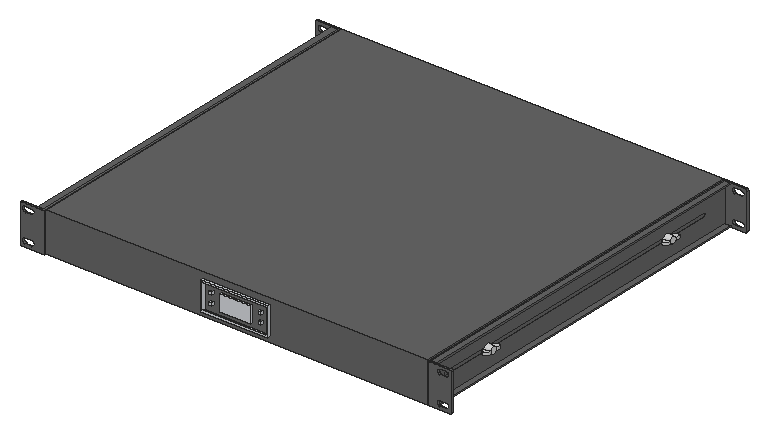
Revit family "Eurolan_Вентиляторная панель 19 1U с контроллером", category Устройства связи, Revit 2019
Family settings
  Сохранять ориентацию аннотаций = Нет
  Размер круглого соединителя = Использовать диаметр
  Тип детали = Нормальный
  На основе рабочей плоскости = Нет
  Всегда вертикально = Да
  При загрузке вырезать с полостями = Нет
  Общий = Нет
  Точка расчета площади = Нет
Parameters (values of type "Вентиляторная панель 19" 1U_6 вентиляторов")
  Выбор_геометрии = Вентиляторная панель 19 1U 6 вентиляторов : Вентиляторная панель 19 1U 6 вентиляторов
  ADSK_Примечание = ""
  ADSK_Позиция = ""
  ADSK_Наименование краткое = "Вентиляторная панель 19\" 1U"
  ADSK_Наименование = "Вентиляторная панель 19\" 1U, 6 вентиляторов, с контроллером"
  ADSK_Материал = RAL 9005
  ADSK_Масса = 8.5
  ADSK_Марка = "1U"
  ADSK_Количество = 1  # constant formula
  ADSK_Код изделия = "60A-91-11-30BL"
  ADSK_Завод-изготовитель = "Eurolan"  # constant formula
  ADSK_Единица измерения = "шт"  # constant formula
Reference planes
  plane 1 "По центру (Вперед/Назад)": y = 0
  plane 2: z = 0
  plane 3 "По центру (Влево/Вправо)": x = 0
Dimensions and locks
  aligned and locked: level to plane 2
Nested families
  nested 1: "Вентиляторная панель 19 1U 6 вентиляторов" at (0, 0, 0), type <- "Выбор_геометрии", type "Вентиляторная панель 19 1U 6 вентиляторов"
Definition of nested family "Вентиляторная панель 19 1U 6 вентиляторов"
  Parameters (values of type "Вентиляторная панель 19 1U 6 вентиляторов")
    Ширина = 484 mm
    Центровка_1 = 465 mm
    Глубина = 415.6 mm
    Высота = 44.4 mm
    ADSK_Материал = none
  Reference planes
    plane 1 "По центру (Вперед/Назад)": y = 0
    plane 2: z = 0
    plane 3 "По центру (Влево/Вправо)": x = 0
    plane 4: x = -242
    plane 5: x = 242
    plane 6: z = 22.2
    plane 7: z = -22.2
    plane 8: y = 415.6
  Forms (mm)
    Extrusion 1, solid, material <- "ADSK_Материал", detail levels fine
      sketch origin (0, 0, 0) x (1, 0, 0) y (0, 0, 1)
        loop
          line (-214.817, 22.2) -> (-214.817, -22.2) -> (214.817, -22.2) -> (214.817, 22.2) -> (-214.817, 22.2)
      from -415.6 to -0.843
    Extrusion 2, solid, detail levels fine
      sketch origin (0, 0, 0) x (1, 0, 0) y (0, 0, 1)
        loop
          line (-37.5, 16) -> (-37.5, -16) -> (37.5, -16) -> (37.5, 16) -> (-37.5, 16)
        loop
          line (-36.162, 14.634) -> (-36.162, -14.449) -> (36.16, -14.449) -> (36.16, 14.634) -> (-36.162, 14.634)
      from -0.843 to 2.287
    Extrusion 3, solid, detail levels fine
      sketch origin (0, 0, 0) x (1, 0, 0) y (0, 0, 1)
        loop
          line (-17, 8.675) -> (-17, -9.325) -> (17, -9.325) -> (17, 8.675) -> (-17, 8.675)
      from -0.843 to 1.264
    Extrusion 4, solid, detail levels fine
      sketch origin (0, 0, 0) x (1, 0, 0) y (0, 0, 1)
        loop
          line (-29.159, 6.939) -> (-29.159, 3.939) -> (-26.159, 3.939) -> (-26.159, 6.939) -> (-29.159, 6.939)
        loop
          line (-29.159, -6.939) -> (-26.159, -6.939) -> (-26.159, -3.939) -> (-29.159, -3.939) -> (-29.159, -6.939)
        loop
          line (29.159, 6.939) -> (26.159, 6.939) -> (26.159, 3.939) -> (29.159, 3.939) -> (29.159, 6.939)
        loop
          line (29.159, -6.939) -> (29.159, -3.939) -> (26.159, -3.939) -> (26.159, -6.939) -> (29.159, -6.939)
      from -0.843 to 1.264
    Extrusion 5, solid, material <- "ADSK_Материал", detail levels fine
      sketch origin (0, 0, 0) x (1, 0, 0) y (0, 0, 1)
        loop
          arc (155.369, 12.043) -> (154.662, 11.75) -> (154.369, 11.043) r 1
          line (154.369, 11.043) -> (154.369, -9)
          arc (154.369, -9) -> (154.662, -9.707) -> (155.369, -10) r 1
          line (155.369, -10) -> (188.369, -10)
          arc (188.369, -10) -> (189.076, -9.707) -> (189.369, -9) r 1
          line (189.369, -9) -> (189.369, 11.043)
          arc (189.369, 11.043) -> (189.076, 11.75) -> (188.369, 12.043) r 1
          line (188.369, 12.043) -> (155.369, 12.043)
        loop
          arc (156.612, 10.783) -> (155.905, 10.49) -> (155.612, 9.783) r 1
          line (155.612, 9.783) -> (155.612, -7.847)
          arc (155.612, -7.847) -> (155.905, -8.554) -> (156.612, -8.847) r 1
          line (156.612, -8.847) -> (187.195, -8.847)
          arc (187.195, -8.847) -> (187.903, -8.554) -> (188.195, -7.847) r 1
          line (188.195, -7.847) -> (188.195, 9.783)
          arc (188.195, 9.783) -> (187.903, 10.49) -> (187.195, 10.783) r 1
          line (187.195, 10.783) -> (156.612, 10.783)
      from -419.874 to -415.6
    Extrusion 6, solid, material <- "ADSK_Материал", detail levels fine
      sketch origin (0, 0, 0) x (1, 0, 0) y (0, 0, 1)
        loop
          line (157.257, 8.221) -> (157.257, -5.779) -> (159.978, -7.35) -> (183.83, -7.35) -> (186.551, -5.779) -> (186.551, 8.221)
          arc (186.551, 8.221) -> (186.258, 8.928) -> (185.551, 9.221) r 1
          line (185.551, 9.221) -> (158.257, 9.221)
          arc (158.257, 9.221) -> (157.55, 8.928) -> (157.257, 8.221) r 1
        loop
          line (161.494, 6.586) -> (161.494, 1.586) -> (162.625, 1.586) -> (162.625, 6.586) -> (161.494, 6.586)
        loop
          line (172.469, -0.194) -> (171.339, -0.194) -> (171.339, -5.194) -> (172.469, -5.194) -> (172.469, -0.194)
        loop
          line (182.313, 6.586) -> (181.183, 6.586) -> (181.183, 1.586) -> (182.313, 1.586) -> (182.313, 6.586)
      from -424.099 to -415.6
    Extrusion 7, solid, material <- "ADSK_Материал", detail levels fine
      sketch origin (1.501, 0, 0) x (1, 0, 0) y (0, 0, 1)
        loop
          arc (-56.501, 20) -> (-60.036, 18.536) -> (-61.501, 15) r 5
          line (-61.501, 15) -> (-61.501, -15)
          arc (-61.501, -15) -> (-60.036, -18.536) -> (-56.501, -20) r 5
          line (-56.501, -20) -> (53.499, -20)
          arc (53.499, -20) -> (57.035, -18.536) -> (58.499, -15) r 5
          line (58.499, -15) -> (58.499, 15)
          arc (58.499, 15) -> (57.035, 18.536) -> (53.499, 20) r 5
          line (53.499, 20) -> (-56.501, 20)
      from -416.753 to -415.6
    Extrusion 8, solid, material <- "ADSK_Материал", detail levels fine
      sketch origin (0, 0, 0) x (1, 0, 0) y (0, 0, 1)
        loop
          circle (0, 0) r 5
      from -418.085 to -416.753
    Extrusion 9, solid, material <- "ADSK_Материал", detail levels coarse
      sketch origin (0, 0, 0) x (1, 0, 0) y (0, 1, 0)
        loop
          line (-242, 424.099) -> (-242, 0) -> (242, 0) -> (242, 424.099) -> (-242, 424.099)
      from -22.2 to 22.2
    Extrusion 10, solid, material <- "ADSK_Материал", detail levels medium
      sketch origin (0, 0, 0) x (1, 0, 0) y (0, 1, 0)
        loop
          line (-216.313, 415.6) -> (-216.313, 10.489) -> (-216.313, 1.5) -> (-242, 1.5) -> (-242, 0) -> (-214.817, 0) -> (-214.817, 0.843) -> (214.817, 0.843) -> (214.817, 0) -> (242, 0) -> (242, 1.5) -> (216.313, 1.5) -> (216.313, 10.489) -> (216.313, 415.6) -> (-216.313, 415.6)
      from -22.2 to 22.2
    Extrusion 11, solid, detail levels medium
      sketch origin (0, 0, 0) x (1, 0, 0) y (0, 1, 0)
        loop
          line (-37.5, 0.843) -> (-37.5, -2.287) -> (37.5, -2.287) -> (37.5, 0.843) -> (-37.5, 0.843)
      from -16 to 16
    Extrusion 12, solid, material <- "ADSK_Материал", detail levels medium
      sketch origin (0, 831.2, 0) x (1, 0, 0) y (0, 0, -1)
        loop
          line (154.369, -12.043) -> (189.369, -12.043) -> (189.369, 10) -> (154.369, 10) -> (154.369, -12.043)
      from -415.6 to -407.101
    Extrusion 13, solid, material <- "ADSK_Материал", detail levels medium
      sketch origin (0, 415.6, 0) x (1, 0, 0) y (0, 1, 0)
        loop
          line (-216.313, -415.6) -> (216.313, -415.6) -> (216.313, -10.489) -> (216.313, -1.5) -> (242, -1.5) -> (242, 0) -> (214.817, 0) -> (214.817, -0.843) -> (-214.817, -0.843) -> (-214.817, 0) -> (-242, 0) -> (-242, -1.5) -> (-216.313, -1.5) -> (-216.313, -10.489) -> (-216.313, -415.6)
      from -22.2 to 22.2
  Lines and regions (mm)
    model lines
      curve 1: line (-234.5, 0, -15.875) -> (-230.5, 0, -15.875)
      curve 2: line (-232.5, 0, -13.875) -> (-232.5, 0, -17.875)
      curve 3: line (234.287, 0, 15.875) -> (230.287, 0, 15.875)
      curve 4: line (232.287, 0, 17.875) -> (232.287, 0, 13.875)
      curve 5: line (234.5, 0, -15.875) -> (230.5, 0, -15.875)
      curve 6: line (232.5, 0, -13.875) -> (232.5, 0, -17.875)
      curve 7: line (-234.5, 0, 15.875) -> (-230.5, 0, 15.875)
      curve 8: line (-232.5, 0, 13.875) -> (-232.5, 0, 17.875)
    model lines, detail levels fine
      curve 9: line (-85.739, 287.424, 22.2) -> (-102.203, 287.424, 22.2)
      curve 10: line (-85.739, 278.776, 22.2) -> (-102.203, 278.776, 22.2)
      curve 11: arc (-85.739, 287.424, 22.2) -> (-81.414, 283.1, 22.2) -> (-85.739, 278.776, 22.2) r 4.324
      curve 12: arc (-102.203, 287.424, 22.2) -> (-106.527, 283.1, 22.2) -> (-102.203, 278.776, 22.2) r 4.324
      curve 13: line (-87.612, 301.055, 22.2) -> (-104.571, 301.055, 22.2)
      curve 14: line (-87.612, 292.407, 22.2) -> (-104.571, 292.407, 22.2)
      curve 15: arc (-87.612, 301.055, 22.2) -> (-83.288, 296.731, 22.2) -> (-87.612, 292.407, 22.2) r 4.324
      curve 16: arc (-104.571, 301.055, 22.2) -> (-108.895, 296.731, 22.2) -> (-104.571, 292.407, 22.2) r 4.324
      curve 17: line (-92.829, 314.687, 22.2) -> (-112.874, 314.687, 22.2)
      curve 18: line (-92.829, 306.038, 22.2) -> (-112.874, 306.038, 22.2)
      curve 19: arc (-92.829, 314.687, 22.2) -> (-88.505, 310.362, 22.2) -> (-92.829, 306.038, 22.2) r 4.324
      curve 20: arc (-112.874, 314.687, 22.2) -> (-117.199, 310.362, 22.2) -> (-112.874, 306.038, 22.2) r 4.324
      curve 21: line (-103.761, 328.318, 22.2) -> (-179.243, 328.318, 22.2)
      curve 22: line (-103.761, 319.669, 22.2) -> (-179.243, 319.669, 22.2)
      curve 23: arc (-103.761, 328.318, 22.2) -> (-99.437, 323.994, 22.2) -> (-103.761, 319.669, 22.2) r 4.324
      curve 24: arc (-179.243, 328.318, 22.2) -> (-183.568, 323.994, 22.2) -> (-179.243, 319.669, 22.2) r 4.324
      curve 25: line (-130.5, 341.949, 22.2) -> (-151.998, 341.949, 22.2)
      curve 26: line (-130.5, 333.301, 22.2) -> (-151.998, 333.301, 22.2)
      curve 27: arc (-130.5, 341.949, 22.2) -> (-126.176, 337.625, 22.2) -> (-130.5, 333.301, 22.2) r 4.324
      curve 28: arc (-151.998, 341.949, 22.2) -> (-156.322, 337.625, 22.2) -> (-151.998, 333.301, 22.2) r 4.324
      curve 29: line (-197.034, 287.424, 22.2) -> (-180.57, 287.424, 22.2)
      curve 30: line (-197.034, 278.776, 22.2) -> (-180.57, 278.776, 22.2)
      curve 31: arc (-197.034, 287.424, 22.2) -> (-201.358, 283.1, 22.2) -> (-197.034, 278.776, 22.2) r 4.324
      curve 32: arc (-180.57, 287.424, 22.2) -> (-176.246, 283.1, 22.2) -> (-180.57, 278.776, 22.2) r 4.324
      curve 33: line (-195.161, 301.055, 22.2) -> (-178.202, 301.055, 22.2)
      curve 34: line (-195.161, 292.407, 22.2) -> (-178.202, 292.407, 22.2)
      curve 35: arc (-195.161, 301.055, 22.2) -> (-199.485, 296.731, 22.2) -> (-195.161, 292.407, 22.2) r 4.324
      curve 36: arc (-178.202, 301.055, 22.2) -> (-173.878, 296.731, 22.2) -> (-178.202, 292.407, 22.2) r 4.324
      curve 37: line (-189.943, 314.687, 22.2) -> (-169.898, 314.687, 22.2)
      curve 38: line (-189.943, 306.038, 22.2) -> (-169.898, 306.038, 22.2)
      curve 39: arc (-189.943, 314.687, 22.2) -> (-194.268, 310.362, 22.2) -> (-189.943, 306.038, 22.2) r 4.324
      curve 40: arc (-169.898, 314.687, 22.2) -> (-165.574, 310.362, 22.2) -> (-169.898, 306.038, 22.2) r 4.324
      curve 41: line (-87.612, 265.145, 22.2) -> (-104.571, 265.145, 22.2)
      curve 42: line (-87.612, 273.793, 22.2) -> (-104.571, 273.793, 22.2)
      curve 43: arc (-87.612, 265.145, 22.2) -> (-83.288, 269.469, 22.2) -> (-87.612, 273.793, 22.2) r 4.324
      curve 44: arc (-104.571, 265.145, 22.2) -> (-108.895, 269.469, 22.2) -> (-104.571, 273.793, 22.2) r 4.324
      curve 45: line (-92.829, 251.513, 22.2) -> (-112.874, 251.513, 22.2)
      curve 46: line (-92.829, 260.162, 22.2) -> (-112.874, 260.162, 22.2)
      curve 47: arc (-92.829, 251.513, 22.2) -> (-88.505, 255.838, 22.2) -> (-92.829, 260.162, 22.2) r 4.324
      curve 48: arc (-112.874, 251.513, 22.2) -> (-117.199, 255.838, 22.2) -> (-112.874, 260.162, 22.2) r 4.324
      curve 49: line (-103.761, 237.882, 22.2) -> (-179.243, 237.882, 22.2)
      curve 50: line (-103.761, 246.531, 22.2) -> (-179.243, 246.531, 22.2)
      curve 51: arc (-103.761, 237.882, 22.2) -> (-99.437, 242.206, 22.2) -> (-103.761, 246.531, 22.2) r 4.324
      curve 52: arc (-179.243, 237.882, 22.2) -> (-183.568, 242.206, 22.2) -> (-179.243, 246.531, 22.2) r 4.324
      curve 53: line (-130.5, 224.251, 22.2) -> (-151.998, 224.251, 22.2)
      curve 54: line (-130.5, 232.899, 22.2) -> (-151.998, 232.899, 22.2)
      curve 55: arc (-130.5, 224.251, 22.2) -> (-126.176, 228.575, 22.2) -> (-130.5, 232.899, 22.2) r 4.324
      curve 56: arc (-151.998, 224.251, 22.2) -> (-156.322, 228.575, 22.2) -> (-151.998, 232.899, 22.2) r 4.324
      curve 57: line (-195.161, 265.145, 22.2) -> (-178.202, 265.145, 22.2)
      curve 58: line (-195.161, 273.793, 22.2) -> (-178.202, 273.793, 22.2)
      curve 59: arc (-195.161, 265.145, 22.2) -> (-199.485, 269.469, 22.2) -> (-195.161, 273.793, 22.2) r 4.324
      curve 60: arc (-178.202, 265.145, 22.2) -> (-173.878, 269.469, 22.2) -> (-178.202, 273.793, 22.2) r 4.324
      curve 61: line (-189.943, 251.513, 22.2) -> (-169.898, 251.513, 22.2)
      curve 62: line (-189.943, 260.162, 22.2) -> (-169.898, 260.162, 22.2)
      curve 63: arc (-189.943, 251.513, 22.2) -> (-194.268, 255.838, 22.2) -> (-189.943, 260.162, 22.2) r 4.324
      curve 64: arc (-169.898, 251.513, 22.2) -> (-165.574, 255.838, 22.2) -> (-169.898, 260.162, 22.2) r 4.324
      curve 65: line (55.648, 287.424, 22.2) -> (39.184, 287.424, 22.2)
      curve 66: line (55.648, 278.776, 22.2) -> (39.184, 278.776, 22.2)
      curve 67: arc (55.648, 287.424, 22.2) -> (59.972, 283.1, 22.2) -> (55.648, 278.776, 22.2) r 4.324
      curve 68: arc (39.184, 287.424, 22.2) -> (34.859, 283.1, 22.2) -> (39.184, 278.776, 22.2) r 4.324
      curve 69: line (53.774, 301.055, 22.2) -> (36.816, 301.055, 22.2)
      curve 70: line (53.774, 292.407, 22.2) -> (36.816, 292.407, 22.2)
      curve 71: arc (53.774, 301.055, 22.2) -> (58.099, 296.731, 22.2) -> (53.774, 292.407, 22.2) r 4.324
      curve 72: arc (36.816, 301.055, 22.2) -> (32.492, 296.731, 22.2) -> (36.816, 292.407, 22.2) r 4.324
      curve 73: line (48.557, 314.687, 22.2) -> (28.512, 314.687, 22.2)
      curve 74: line (48.557, 306.038, 22.2) -> (28.512, 306.038, 22.2)
      curve 75: arc (48.557, 314.687, 22.2) -> (52.881, 310.362, 22.2) -> (48.557, 306.038, 22.2) r 4.324
      curve 76: arc (28.512, 314.687, 22.2) -> (24.188, 310.362, 22.2) -> (28.512, 306.038, 22.2) r 4.324
      curve 77: line (37.625, 328.318, 22.2) -> (-37.857, 328.318, 22.2)
      curve 78: line (37.625, 319.669, 22.2) -> (-37.857, 319.669, 22.2)
      curve 79: arc (37.625, 328.318, 22.2) -> (41.95, 323.994, 22.2) -> (37.625, 319.669, 22.2) r 4.324
      curve 80: arc (-37.857, 328.318, 22.2) -> (-42.181, 323.994, 22.2) -> (-37.857, 319.669, 22.2) r 4.324
      curve 81: line (10.886, 341.949, 22.2) -> (-10.611, 341.949, 22.2)
      curve 82: line (10.886, 333.301, 22.2) -> (-10.611, 333.301, 22.2)
      curve 83: arc (10.886, 341.949, 22.2) -> (15.21, 337.625, 22.2) -> (10.886, 333.301, 22.2) r 4.324
      curve 84: arc (-10.611, 341.949, 22.2) -> (-14.935, 337.625, 22.2) -> (-10.611, 333.301, 22.2) r 4.324
      curve 85: line (-55.648, 287.424, 22.2) -> (-39.184, 287.424, 22.2)
      curve 86: line (-55.648, 278.776, 22.2) -> (-39.184, 278.776, 22.2)
      curve 87: arc (-55.648, 287.424, 22.2) -> (-59.972, 283.1, 22.2) -> (-55.648, 278.776, 22.2) r 4.324
      curve 88: arc (-39.184, 287.424, 22.2) -> (-34.859, 283.1, 22.2) -> (-39.184, 278.776, 22.2) r 4.324
      curve 89: line (-53.774, 301.055, 22.2) -> (-36.816, 301.055, 22.2)
      curve 90: line (-53.774, 292.407, 22.2) -> (-36.816, 292.407, 22.2)
      curve 91: arc (-53.774, 301.055, 22.2) -> (-58.099, 296.731, 22.2) -> (-53.774, 292.407, 22.2) r 4.324
      curve 92: arc (-36.816, 301.055, 22.2) -> (-32.492, 296.731, 22.2) -> (-36.816, 292.407, 22.2) r 4.324
      curve 93: line (-48.557, 314.687, 22.2) -> (-28.512, 314.687, 22.2)
      curve 94: line (-48.557, 306.038, 22.2) -> (-28.512, 306.038, 22.2)
      curve 95: arc (-48.557, 314.687, 22.2) -> (-52.881, 310.362, 22.2) -> (-48.557, 306.038, 22.2) r 4.324
      curve 96: arc (-28.512, 314.687, 22.2) -> (-24.188, 310.362, 22.2) -> (-28.512, 306.038, 22.2) r 4.324
      curve 97: line (53.774, 265.145, 22.2) -> (36.816, 265.145, 22.2)
      curve 98: line (53.774, 273.793, 22.2) -> (36.816, 273.793, 22.2)
      curve 99: arc (53.774, 265.145, 22.2) -> (58.099, 269.469, 22.2) -> (53.774, 273.793, 22.2) r 4.324
      curve 100: arc (36.816, 265.145, 22.2) -> (32.492, 269.469, 22.2) -> (36.816, 273.793, 22.2) r 4.324
      curve 101: line (48.557, 251.513, 22.2) -> (28.512, 251.513, 22.2)
      curve 102: line (48.557, 260.162, 22.2) -> (28.512, 260.162, 22.2)
      curve 103: arc (48.557, 251.513, 22.2) -> (52.881, 255.838, 22.2) -> (48.557, 260.162, 22.2) r 4.324
      curve 104: arc (28.512, 251.513, 22.2) -> (24.188, 255.838, 22.2) -> (28.512, 260.162, 22.2) r 4.324
      curve 105: line (37.625, 237.882, 22.2) -> (-37.857, 237.882, 22.2)
      curve 106: line (37.625, 246.531, 22.2) -> (-37.857, 246.531, 22.2)
      curve 107: arc (37.625, 237.882, 22.2) -> (41.95, 242.206, 22.2) -> (37.625, 246.531, 22.2) r 4.324
      curve 108: arc (-37.857, 237.882, 22.2) -> (-42.181, 242.206, 22.2) -> (-37.857, 246.531, 22.2) r 4.324
      curve 109: line (10.886, 224.251, 22.2) -> (-10.611, 224.251, 22.2)
      curve 110: line (10.886, 232.899, 22.2) -> (-10.611, 232.899, 22.2)
      curve 111: arc (10.886, 224.251, 22.2) -> (15.21, 228.575, 22.2) -> (10.886, 232.899, 22.2) r 4.324
      curve 112: arc (-10.611, 224.251, 22.2) -> (-14.935, 228.575, 22.2) -> (-10.611, 232.899, 22.2) r 4.324
      curve 113: line (-53.774, 265.145, 22.2) -> (-36.816, 265.145, 22.2)
      curve 114: line (-53.774, 273.793, 22.2) -> (-36.816, 273.793, 22.2)
      curve 115: arc (-53.774, 265.145, 22.2) -> (-58.099, 269.469, 22.2) -> (-53.774, 273.793, 22.2) r 4.324
      curve 116: arc (-36.816, 265.145, 22.2) -> (-32.492, 269.469, 22.2) -> (-36.816, 273.793, 22.2) r 4.324
      curve 117: line (-48.557, 251.513, 22.2) -> (-28.512, 251.513, 22.2)
      curve 118: line (-48.557, 260.162, 22.2) -> (-28.512, 260.162, 22.2)
      curve 119: arc (-48.557, 251.513, 22.2) -> (-52.881, 255.838, 22.2) -> (-48.557, 260.162, 22.2) r 4.324
      curve 120: arc (-28.512, 251.513, 22.2) -> (-24.188, 255.838, 22.2) -> (-28.512, 260.162, 22.2) r 4.324
      curve 121: line (195.652, 287.424, 22.2) -> (179.188, 287.424, 22.2)
      curve 122: line (195.652, 278.776, 22.2) -> (179.188, 278.776, 22.2)
      curve 123: arc (195.652, 287.424, 22.2) -> (199.976, 283.1, 22.2) -> (195.652, 278.776, 22.2) r 4.324
      curve 124: arc (179.188, 287.424, 22.2) -> (174.864, 283.1, 22.2) -> (179.188, 278.776, 22.2) r 4.324
      curve 125: line (193.779, 301.055, 22.2) -> (176.82, 301.055, 22.2)
      curve 126: line (193.779, 292.407, 22.2) -> (176.82, 292.407, 22.2)
      curve 127: arc (193.779, 301.055, 22.2) -> (198.103, 296.731, 22.2) -> (193.779, 292.407, 22.2) r 4.324
      curve 128: arc (176.82, 301.055, 22.2) -> (172.496, 296.731, 22.2) -> (176.82, 292.407, 22.2) r 4.324
      curve 129: line (188.561, 314.687, 22.2) -> (168.516, 314.687, 22.2)
      curve 130: line (188.561, 306.038, 22.2) -> (168.516, 306.038, 22.2)
      curve 131: arc (188.561, 314.687, 22.2) -> (192.886, 310.362, 22.2) -> (188.561, 306.038, 22.2) r 4.324
      curve 132: arc (168.516, 314.687, 22.2) -> (164.192, 310.362, 22.2) -> (168.516, 306.038, 22.2) r 4.324
      curve 133: line (177.63, 328.318, 22.2) -> (102.147, 328.318, 22.2)
      curve 134: line (177.63, 319.669, 22.2) -> (102.147, 319.669, 22.2)
      curve 135: arc (177.63, 328.318, 22.2) -> (181.954, 323.994, 22.2) -> (177.63, 319.669, 22.2) r 4.324
      curve 136: arc (102.147, 328.318, 22.2) -> (97.823, 323.994, 22.2) -> (102.147, 319.669, 22.2) r 4.324
      curve 137: line (150.89, 341.949, 22.2) -> (129.393, 341.949, 22.2)
      curve 138: line (150.89, 333.301, 22.2) -> (129.393, 333.301, 22.2)
      curve 139: arc (150.89, 341.949, 22.2) -> (155.215, 337.625, 22.2) -> (150.89, 333.301, 22.2) r 4.324
      curve 140: arc (129.393, 341.949, 22.2) -> (125.069, 337.625, 22.2) -> (129.393, 333.301, 22.2) r 4.324
      curve 141: line (84.357, 287.424, 22.2) -> (100.821, 287.424, 22.2)
      curve 142: line (84.357, 278.776, 22.2) -> (100.821, 278.776, 22.2)
      curve 143: arc (84.357, 287.424, 22.2) -> (80.032, 283.1, 22.2) -> (84.357, 278.776, 22.2) r 4.324
      curve 144: arc (100.821, 287.424, 22.2) -> (105.145, 283.1, 22.2) -> (100.821, 278.776, 22.2) r 4.324
      curve 145: line (86.23, 301.055, 22.2) -> (103.189, 301.055, 22.2)
      curve 146: line (86.23, 292.407, 22.2) -> (103.189, 292.407, 22.2)
      curve 147: arc (86.23, 301.055, 22.2) -> (81.906, 296.731, 22.2) -> (86.23, 292.407, 22.2) r 4.324
      curve 148: arc (103.189, 301.055, 22.2) -> (107.513, 296.731, 22.2) -> (103.189, 292.407, 22.2) r 4.324
      curve 149: line (91.447, 314.687, 22.2) -> (111.492, 314.687, 22.2)
      curve 150: line (91.447, 306.038, 22.2) -> (111.492, 306.038, 22.2)
      curve 151: arc (91.447, 314.687, 22.2) -> (87.123, 310.362, 22.2) -> (91.447, 306.038, 22.2) r 4.324
      curve 152: arc (111.492, 314.687, 22.2) -> (115.817, 310.362, 22.2) -> (111.492, 306.038, 22.2) r 4.324
      curve 153: line (193.779, 265.145, 22.2) -> (176.82, 265.145, 22.2)
      curve 154: line (193.779, 273.793, 22.2) -> (176.82, 273.793, 22.2)
      curve 155: arc (193.779, 265.145, 22.2) -> (198.103, 269.469, 22.2) -> (193.779, 273.793, 22.2) r 4.324
      curve 156: arc (176.82, 265.145, 22.2) -> (172.496, 269.469, 22.2) -> (176.82, 273.793, 22.2) r 4.324
      curve 157: line (188.561, 251.513, 22.2) -> (168.516, 251.513, 22.2)
      curve 158: line (188.561, 260.162, 22.2) -> (168.516, 260.162, 22.2)
      curve 159: arc (188.561, 251.513, 22.2) -> (192.886, 255.838, 22.2) -> (188.561, 260.162, 22.2) r 4.324
      curve 160: arc (168.516, 251.513, 22.2) -> (164.192, 255.838, 22.2) -> (168.516, 260.162, 22.2) r 4.324
      curve 161: line (177.63, 237.882, 22.2) -> (102.147, 237.882, 22.2)
      curve 162: line (177.63, 246.531, 22.2) -> (102.147, 246.531, 22.2)
      curve 163: arc (177.63, 237.882, 22.2) -> (181.954, 242.206, 22.2) -> (177.63, 246.531, 22.2) r 4.324
      curve 164: arc (102.147, 237.882, 22.2) -> (97.823, 242.206, 22.2) -> (102.147, 246.531, 22.2) r 4.324
      curve 165: line (150.89, 224.251, 22.2) -> (129.393, 224.251, 22.2)
      curve 166: line (150.89, 232.899, 22.2) -> (129.393, 232.899, 22.2)
      curve 167: arc (150.89, 224.251, 22.2) -> (155.215, 228.575, 22.2) -> (150.89, 232.899, 22.2) r 4.324
      curve 168: arc (129.393, 224.251, 22.2) -> (125.069, 228.575, 22.2) -> (129.393, 232.899, 22.2) r 4.324
      curve 169: line (86.23, 265.145, 22.2) -> (103.189, 265.145, 22.2)
      curve 170: line (86.23, 273.793, 22.2) -> (103.189, 273.793, 22.2)
      curve 171: arc (86.23, 265.145, 22.2) -> (81.906, 269.469, 22.2) -> (86.23, 273.793, 22.2) r 4.324
      curve 172: arc (103.189, 265.145, 22.2) -> (107.513, 269.469, 22.2) -> (103.189, 273.793, 22.2) r 4.324
      curve 173: line (91.447, 251.513, 22.2) -> (111.492, 251.513, 22.2)
      curve 174: line (91.447, 260.162, 22.2) -> (111.492, 260.162, 22.2)
      curve 175: arc (91.447, 251.513, 22.2) -> (87.123, 255.838, 22.2) -> (91.447, 260.162, 22.2) r 4.324
      curve 176: arc (111.492, 251.513, 22.2) -> (115.817, 255.838, 22.2) -> (111.492, 260.162, 22.2) r 4.324
      curve 177: line (-85.739, 130.166, 22.2) -> (-102.203, 130.166, 22.2)
      curve 178: line (-85.739, 138.814, 22.2) -> (-102.203, 138.814, 22.2)
      curve 179: arc (-85.739, 130.166, 22.2) -> (-81.414, 134.49, 22.2) -> (-85.739, 138.814, 22.2) r 4.324
      curve 180: arc (-102.203, 130.166, 22.2) -> (-106.527, 134.49, 22.2) -> (-102.203, 138.814, 22.2) r 4.324
      curve 181: line (-87.612, 116.535, 22.2) -> (-104.571, 116.535, 22.2)
      curve 182: line (-87.612, 125.183, 22.2) -> (-104.571, 125.183, 22.2)
      curve 183: arc (-87.612, 116.535, 22.2) -> (-83.288, 120.859, 22.2) -> (-87.612, 125.183, 22.2) r 4.324
      curve 184: arc (-104.571, 116.535, 22.2) -> (-108.895, 120.859, 22.2) -> (-104.571, 125.183, 22.2) r 4.324
      curve 185: line (-92.829, 102.904, 22.2) -> (-112.874, 102.904, 22.2)
      curve 186: line (-92.829, 111.552, 22.2) -> (-112.874, 111.552, 22.2)
      curve 187: arc (-92.829, 102.904, 22.2) -> (-88.505, 107.228, 22.2) -> (-92.829, 111.552, 22.2) r 4.324
      curve 188: arc (-112.874, 102.904, 22.2) -> (-117.199, 107.228, 22.2) -> (-112.874, 111.552, 22.2) r 4.324
      curve 189: line (-103.761, 89.272, 22.2) -> (-179.243, 89.272, 22.2)
      curve 190: line (-103.761, 97.921, 22.2) -> (-179.243, 97.921, 22.2)
      curve 191: arc (-103.761, 89.272, 22.2) -> (-99.437, 93.597, 22.2) -> (-103.761, 97.921, 22.2) r 4.324
      curve 192: arc (-179.243, 89.272, 22.2) -> (-183.568, 93.597, 22.2) -> (-179.243, 97.921, 22.2) r 4.324
      curve 193: line (-130.5, 75.641, 22.2) -> (-151.998, 75.641, 22.2)
      curve 194: line (-130.5, 84.29, 22.2) -> (-151.998, 84.29, 22.2)
      curve 195: arc (-130.5, 75.641, 22.2) -> (-126.176, 79.965, 22.2) -> (-130.5, 84.29, 22.2) r 4.324
      curve 196: arc (-151.998, 75.641, 22.2) -> (-156.322, 79.965, 22.2) -> (-151.998, 84.29, 22.2) r 4.324
      curve 197: line (-197.034, 130.166, 22.2) -> (-180.57, 130.166, 22.2)
      curve 198: line (-197.034, 138.814, 22.2) -> (-180.57, 138.814, 22.2)
      curve 199: arc (-197.034, 130.166, 22.2) -> (-201.358, 134.49, 22.2) -> (-197.034, 138.814, 22.2) r 4.324
      curve 200: arc (-180.57, 130.166, 22.2) -> (-176.246, 134.49, 22.2) -> (-180.57, 138.814, 22.2) r 4.324
      curve 201: line (-195.161, 116.535, 22.2) -> (-178.202, 116.535, 22.2)
      curve 202: line (-195.161, 125.183, 22.2) -> (-178.202, 125.183, 22.2)
      curve 203: arc (-195.161, 116.535, 22.2) -> (-199.485, 120.859, 22.2) -> (-195.161, 125.183, 22.2) r 4.324
      curve 204: arc (-178.202, 116.535, 22.2) -> (-173.878, 120.859, 22.2) -> (-178.202, 125.183, 22.2) r 4.324
      curve 205: line (-189.943, 102.904, 22.2) -> (-169.898, 102.904, 22.2)
      curve 206: line (-189.943, 111.552, 22.2) -> (-169.898, 111.552, 22.2)
      curve 207: arc (-189.943, 102.904, 22.2) -> (-194.268, 107.228, 22.2) -> (-189.943, 111.552, 22.2) r 4.324
      curve 208: arc (-169.898, 102.904, 22.2) -> (-165.574, 107.228, 22.2) -> (-169.898, 111.552, 22.2) r 4.324
      curve 209: line (-87.612, 152.446, 22.2) -> (-104.571, 152.446, 22.2)
      curve 210: line (-87.612, 143.797, 22.2) -> (-104.571, 143.797, 22.2)
      curve 211: arc (-87.612, 152.446, 22.2) -> (-83.288, 148.121, 22.2) -> (-87.612, 143.797, 22.2) r 4.324
      curve 212: arc (-104.571, 152.446, 22.2) -> (-108.895, 148.121, 22.2) -> (-104.571, 143.797, 22.2) r 4.324
      curve 213: line (-92.829, 166.077, 22.2) -> (-112.874, 166.077, 22.2)
      curve 214: line (-92.829, 157.428, 22.2) -> (-112.874, 157.428, 22.2)
      curve 215: arc (-92.829, 166.077, 22.2) -> (-88.505, 161.753, 22.2) -> (-92.829, 157.428, 22.2) r 4.324
      curve 216: arc (-112.874, 166.077, 22.2) -> (-117.199, 161.753, 22.2) -> (-112.874, 157.428, 22.2) r 4.324
      curve 217: line (-103.761, 179.708, 22.2) -> (-179.243, 179.708, 22.2)
      curve 218: line (-103.761, 171.06, 22.2) -> (-179.243, 171.06, 22.2)
      curve 219: arc (-103.761, 179.708, 22.2) -> (-99.437, 175.384, 22.2) -> (-103.761, 171.06, 22.2) r 4.324
      curve 220: arc (-179.243, 179.708, 22.2) -> (-183.568, 175.384, 22.2) -> (-179.243, 171.06, 22.2) r 4.324
      curve 221: line (-130.5, 193.339, 22.2) -> (-151.998, 193.339, 22.2)
      curve 222: line (-130.5, 184.691, 22.2) -> (-151.998, 184.691, 22.2)
      curve 223: arc (-130.5, 193.339, 22.2) -> (-126.176, 189.015, 22.2) -> (-130.5, 184.691, 22.2) r 4.324
      curve 224: arc (-151.998, 193.339, 22.2) -> (-156.322, 189.015, 22.2) -> (-151.998, 184.691, 22.2) r 4.324
      curve 225: line (-195.161, 152.446, 22.2) -> (-178.202, 152.446, 22.2)
      curve 226: line (-195.161, 143.797, 22.2) -> (-178.202, 143.797, 22.2)
      curve 227: arc (-195.161, 152.446, 22.2) -> (-199.485, 148.121, 22.2) -> (-195.161, 143.797, 22.2) r 4.324
      curve 228: arc (-178.202, 152.446, 22.2) -> (-173.878, 148.121, 22.2) -> (-178.202, 143.797, 22.2) r 4.324
      curve 229: line (-189.943, 166.077, 22.2) -> (-169.898, 166.077, 22.2)
      curve 230: line (-189.943, 157.428, 22.2) -> (-169.898, 157.428, 22.2)
      curve 231: arc (-189.943, 166.077, 22.2) -> (-194.268, 161.753, 22.2) -> (-189.943, 157.428, 22.2) r 4.324
      curve 232: arc (-169.898, 166.077, 22.2) -> (-165.574, 161.753, 22.2) -> (-169.898, 157.428, 22.2) r 4.324
      curve 233: line (55.648, 130.166, 22.2) -> (39.184, 130.166, 22.2)
      curve 234: line (55.648, 138.814, 22.2) -> (39.184, 138.814, 22.2)
      curve 235: arc (55.648, 130.166, 22.2) -> (59.972, 134.49, 22.2) -> (55.648, 138.814, 22.2) r 4.324
      curve 236: arc (39.184, 130.166, 22.2) -> (34.859, 134.49, 22.2) -> (39.184, 138.814, 22.2) r 4.324
      curve 237: line (53.774, 116.535, 22.2) -> (36.816, 116.535, 22.2)
      curve 238: line (53.774, 125.183, 22.2) -> (36.816, 125.183, 22.2)
      curve 239: arc (53.774, 116.535, 22.2) -> (58.099, 120.859, 22.2) -> (53.774, 125.183, 22.2) r 4.324
      curve 240: arc (36.816, 116.535, 22.2) -> (32.492, 120.859, 22.2) -> (36.816, 125.183, 22.2) r 4.324
      curve 241: line (48.557, 102.904, 22.2) -> (28.512, 102.904, 22.2)
      curve 242: line (48.557, 111.552, 22.2) -> (28.512, 111.552, 22.2)
      curve 243: arc (48.557, 102.904, 22.2) -> (52.881, 107.228, 22.2) -> (48.557, 111.552, 22.2) r 4.324
      curve 244: arc (28.512, 102.904, 22.2) -> (24.188, 107.228, 22.2) -> (28.512, 111.552, 22.2) r 4.324
      curve 245: line (37.625, 89.272, 22.2) -> (-37.857, 89.272, 22.2)
      curve 246: line (37.625, 97.921, 22.2) -> (-37.857, 97.921, 22.2)
      curve 247: arc (37.625, 89.272, 22.2) -> (41.95, 93.597, 22.2) -> (37.625, 97.921, 22.2) r 4.324
      curve 248: arc (-37.857, 89.272, 22.2) -> (-42.181, 93.597, 22.2) -> (-37.857, 97.921, 22.2) r 4.324
      curve 249: line (10.886, 75.641, 22.2) -> (-10.611, 75.641, 22.2)
      curve 250: line (10.886, 84.29, 22.2) -> (-10.611, 84.29, 22.2)
      curve 251: arc (10.886, 75.641, 22.2) -> (15.21, 79.965, 22.2) -> (10.886, 84.29, 22.2) r 4.324
      curve 252: arc (-10.611, 75.641, 22.2) -> (-14.935, 79.965, 22.2) -> (-10.611, 84.29, 22.2) r 4.324
      curve 253: line (-55.648, 130.166, 22.2) -> (-39.184, 130.166, 22.2)
      curve 254: line (-55.648, 138.814, 22.2) -> (-39.184, 138.814, 22.2)
      curve 255: arc (-55.648, 130.166, 22.2) -> (-59.972, 134.49, 22.2) -> (-55.648, 138.814, 22.2) r 4.324
      curve 256: arc (-39.184, 130.166, 22.2) -> (-34.859, 134.49, 22.2) -> (-39.184, 138.814, 22.2) r 4.324
      curve 257: line (-53.774, 116.535, 22.2) -> (-36.816, 116.535, 22.2)
      curve 258: line (-53.774, 125.183, 22.2) -> (-36.816, 125.183, 22.2)
      curve 259: arc (-53.774, 116.535, 22.2) -> (-58.099, 120.859, 22.2) -> (-53.774, 125.183, 22.2) r 4.324
      curve 260: arc (-36.816, 116.535, 22.2) -> (-32.492, 120.859, 22.2) -> (-36.816, 125.183, 22.2) r 4.324
      curve 261: line (-48.557, 102.904, 22.2) -> (-28.512, 102.904, 22.2)
      curve 262: line (-48.557, 111.552, 22.2) -> (-28.512, 111.552, 22.2)
      curve 263: arc (-48.557, 102.904, 22.2) -> (-52.881, 107.228, 22.2) -> (-48.557, 111.552, 22.2) r 4.324
      curve 264: arc (-28.512, 102.904, 22.2) -> (-24.188, 107.228, 22.2) -> (-28.512, 111.552, 22.2) r 4.324
      curve 265: line (53.774, 152.446, 22.2) -> (36.816, 152.446, 22.2)
      curve 266: line (53.774, 143.797, 22.2) -> (36.816, 143.797, 22.2)
      curve 267: arc (53.774, 152.446, 22.2) -> (58.099, 148.121, 22.2) -> (53.774, 143.797, 22.2) r 4.324
      curve 268: arc (36.816, 152.446, 22.2) -> (32.492, 148.121, 22.2) -> (36.816, 143.797, 22.2) r 4.324
      curve 269: line (48.557, 166.077, 22.2) -> (28.512, 166.077, 22.2)
      curve 270: line (48.557, 157.428, 22.2) -> (28.512, 157.428, 22.2)
      curve 271: arc (48.557, 166.077, 22.2) -> (52.881, 161.753, 22.2) -> (48.557, 157.428, 22.2) r 4.324
      curve 272: arc (28.512, 166.077, 22.2) -> (24.188, 161.753, 22.2) -> (28.512, 157.428, 22.2) r 4.324
      curve 273: line (37.625, 179.708, 22.2) -> (-37.857, 179.708, 22.2)
      curve 274: line (37.625, 171.06, 22.2) -> (-37.857, 171.06, 22.2)
      curve 275: arc (37.625, 179.708, 22.2) -> (41.95, 175.384, 22.2) -> (37.625, 171.06, 22.2) r 4.324
      curve 276: arc (-37.857, 179.708, 22.2) -> (-42.181, 175.384, 22.2) -> (-37.857, 171.06, 22.2) r 4.324
      curve 277: line (10.886, 193.339, 22.2) -> (-10.611, 193.339, 22.2)
      curve 278: line (10.886, 184.691, 22.2) -> (-10.611, 184.691, 22.2)
      curve 279: arc (10.886, 193.339, 22.2) -> (15.21, 189.015, 22.2) -> (10.886, 184.691, 22.2) r 4.324
      curve 280: arc (-10.611, 193.339, 22.2) -> (-14.935, 189.015, 22.2) -> (-10.611, 184.691, 22.2) r 4.324
      curve 281: line (-53.774, 152.446, 22.2) -> (-36.816, 152.446, 22.2)
      curve 282: line (-53.774, 143.797, 22.2) -> (-36.816, 143.797, 22.2)
      curve 283: arc (-53.774, 152.446, 22.2) -> (-58.099, 148.121, 22.2) -> (-53.774, 143.797, 22.2) r 4.324
      curve 284: arc (-36.816, 152.446, 22.2) -> (-32.492, 148.121, 22.2) -> (-36.816, 143.797, 22.2) r 4.324
      curve 285: line (-48.557, 166.077, 22.2) -> (-28.512, 166.077, 22.2)
      curve 286: line (-48.557, 157.428, 22.2) -> (-28.512, 157.428, 22.2)
      curve 287: arc (-48.557, 166.077, 22.2) -> (-52.881, 161.753, 22.2) -> (-48.557, 157.428, 22.2) r 4.324
      curve 288: arc (-28.512, 166.077, 22.2) -> (-24.188, 161.753, 22.2) -> (-28.512, 157.428, 22.2) r 4.324
      curve 289: line (195.652, 130.166, 22.2) -> (179.188, 130.166, 22.2)
      curve 290: line (195.652, 138.814, 22.2) -> (179.188, 138.814, 22.2)
      curve 291: arc (195.652, 130.166, 22.2) -> (199.976, 134.49, 22.2) -> (195.652, 138.814, 22.2) r 4.324
      curve 292: arc (179.188, 130.166, 22.2) -> (174.864, 134.49, 22.2) -> (179.188, 138.814, 22.2) r 4.324
      curve 293: line (193.779, 116.535, 22.2) -> (176.82, 116.535, 22.2)
      curve 294: line (193.779, 125.183, 22.2) -> (176.82, 125.183, 22.2)
      curve 295: arc (193.779, 116.535, 22.2) -> (198.103, 120.859, 22.2) -> (193.779, 125.183, 22.2) r 4.324
      curve 296: arc (176.82, 116.535, 22.2) -> (172.496, 120.859, 22.2) -> (176.82, 125.183, 22.2) r 4.324
      curve 297: line (188.561, 102.904, 22.2) -> (168.516, 102.904, 22.2)
      curve 298: line (188.561, 111.552, 22.2) -> (168.516, 111.552, 22.2)
      curve 299: arc (188.561, 102.904, 22.2) -> (192.886, 107.228, 22.2) -> (188.561, 111.552, 22.2) r 4.324
      curve 300: arc (168.516, 102.904, 22.2) -> (164.192, 107.228, 22.2) -> (168.516, 111.552, 22.2) r 4.324
      curve 301: line (177.63, 89.272, 22.2) -> (102.147, 89.272, 22.2)
      curve 302: line (177.63, 97.921, 22.2) -> (102.147, 97.921, 22.2)
      curve 303: arc (177.63, 89.272, 22.2) -> (181.954, 93.597, 22.2) -> (177.63, 97.921, 22.2) r 4.324
      curve 304: arc (102.147, 89.272, 22.2) -> (97.823, 93.597, 22.2) -> (102.147, 97.921, 22.2) r 4.324
      curve 305: line (150.89, 75.641, 22.2) -> (129.393, 75.641, 22.2)
      curve 306: line (150.89, 84.29, 22.2) -> (129.393, 84.29, 22.2)
      curve 307: arc (150.89, 75.641, 22.2) -> (155.215, 79.965, 22.2) -> (150.89, 84.29, 22.2) r 4.324
      curve 308: arc (129.393, 75.641, 22.2) -> (125.069, 79.965, 22.2) -> (129.393, 84.29, 22.2) r 4.324
      curve 309: line (84.357, 130.166, 22.2) -> (100.821, 130.166, 22.2)
      curve 310: line (84.357, 138.814, 22.2) -> (100.821, 138.814, 22.2)
      curve 311: arc (84.357, 130.166, 22.2) -> (80.032, 134.49, 22.2) -> (84.357, 138.814, 22.2) r 4.324
      curve 312: arc (100.821, 130.166, 22.2) -> (105.145, 134.49, 22.2) -> (100.821, 138.814, 22.2) r 4.324
      curve 313: line (86.23, 116.535, 22.2) -> (103.189, 116.535, 22.2)
      curve 314: line (86.23, 125.183, 22.2) -> (103.189, 125.183, 22.2)
      curve 315: arc (86.23, 116.535, 22.2) -> (81.906, 120.859, 22.2) -> (86.23, 125.183, 22.2) r 4.324
      curve 316: arc (103.189, 116.535, 22.2) -> (107.513, 120.859, 22.2) -> (103.189, 125.183, 22.2) r 4.324
      curve 317: line (91.447, 102.904, 22.2) -> (111.492, 102.904, 22.2)
      curve 318: line (91.447, 111.552, 22.2) -> (111.492, 111.552, 22.2)
      curve 319: arc (91.447, 102.904, 22.2) -> (87.123, 107.228, 22.2) -> (91.447, 111.552, 22.2) r 4.324
      curve 320: arc (111.492, 102.904, 22.2) -> (115.817, 107.228, 22.2) -> (111.492, 111.552, 22.2) r 4.324
      curve 321: line (193.779, 152.446, 22.2) -> (176.82, 152.446, 22.2)
      curve 322: line (193.779, 143.797, 22.2) -> (176.82, 143.797, 22.2)
      curve 323: arc (193.779, 152.446, 22.2) -> (198.103, 148.121, 22.2) -> (193.779, 143.797, 22.2) r 4.324
      curve 324: arc (176.82, 152.446, 22.2) -> (172.496, 148.121, 22.2) -> (176.82, 143.797, 22.2) r 4.324
      curve 325: line (188.561, 166.077, 22.2) -> (168.516, 166.077, 22.2)
      curve 326: line (188.561, 157.428, 22.2) -> (168.516, 157.428, 22.2)
      curve 327: arc (188.561, 166.077, 22.2) -> (192.886, 161.753, 22.2) -> (188.561, 157.428, 22.2) r 4.324
      curve 328: arc (168.516, 166.077, 22.2) -> (164.192, 161.753, 22.2) -> (168.516, 157.428, 22.2) r 4.324
      curve 329: line (177.63, 179.708, 22.2) -> (102.147, 179.708, 22.2)
      curve 330: line (177.63, 171.06, 22.2) -> (102.147, 171.06, 22.2)
      curve 331: arc (177.63, 179.708, 22.2) -> (181.954, 175.384, 22.2) -> (177.63, 171.06, 22.2) r 4.324
      curve 332: arc (102.147, 179.708, 22.2) -> (97.823, 175.384, 22.2) -> (102.147, 171.06, 22.2) r 4.324
      curve 333: line (150.89, 193.339, 22.2) -> (129.393, 193.339, 22.2)
      curve 334: line (150.89, 184.691, 22.2) -> (129.393, 184.691, 22.2)
      curve 335: arc (150.89, 193.339, 22.2) -> (155.215, 189.015, 22.2) -> (150.89, 184.691, 22.2) r 4.324
      curve 336: arc (129.393, 193.339, 22.2) -> (125.069, 189.015, 22.2) -> (129.393, 184.691, 22.2) r 4.324
      curve 337: line (86.23, 152.446, 22.2) -> (103.189, 152.446, 22.2)
      curve 338: line (86.23, 143.797, 22.2) -> (103.189, 143.797, 22.2)
      curve 339: arc (86.23, 152.446, 22.2) -> (81.906, 148.121, 22.2) -> (86.23, 143.797, 22.2) r 4.324
      curve 340: arc (103.189, 152.446, 22.2) -> (107.513, 148.121, 22.2) -> (103.189, 143.797, 22.2) r 4.324
      curve 341: line (91.447, 166.077, 22.2) -> (111.492, 166.077, 22.2)
      curve 342: line (91.447, 157.428, 22.2) -> (111.492, 157.428, 22.2)
      curve 343: arc (91.447, 166.077, 22.2) -> (87.123, 161.753, 22.2) -> (91.447, 157.428, 22.2) r 4.324
      curve 344: arc (111.492, 166.077, 22.2) -> (115.817, 161.753, 22.2) -> (111.492, 157.428, 22.2) r 4.324
  Dimensions and locks
    equal spacing: plane 5, plane 3 "По центру (Влево/Вправо)", plane 4
    "Ширина": plane 5 to plane 4
    equal spacing: plane 6, level, plane 7
    "Высота": plane 6 to plane 7
    "Глубина": plane 8 to plane 1 "По центру (Вперед/Назад)"
    equal spacing: curve 2, plane 3 "По центру (Влево/Вправо)", curve 6
    "Центровка_1": curve 2 to curve 6
    aligned and locked: level to plane 2
    aligned and locked: Extrusion 2 to Extrusion 1
    aligned and locked: Extrusion 4 to Extrusion 1
    aligned and locked: Extrusion 9 to plane 7
    aligned and locked: plane 6 to Extrusion 9
    aligned and locked: Extrusion 10 to plane 7
    aligned and locked: plane 6 to Extrusion 10
    aligned and locked: Extrusion 11 to Extrusion 2  (x2)
  Automatic sketch dimensions
    Extrusion 1 sketch curve to plane 7 = 0 mm
    Extrusion 1 sketch curve to plane 6 = 0 mm
    plane 4 to Extrusion 1 sketch curve = 27.183 mm
    Extrusion 1 sketch curve to plane 5 = 27.183 mm
    plane 7 to Extrusion 2 sketch curve = 6.2 mm
    Extrusion 2 sketch curve to plane 3 "По центру (Влево/Вправо)" = 37.5 mm
    Extrusion 2 sketch curve to Extrusion 2 sketch curve = 1.338 mm
    Extrusion 2 sketch curve to plane 6 = 7.566 mm
    plane 3 "По центру (Влево/Вправо)" to Extrusion 2 sketch curve = 36.16 mm
    Extrusion 2 sketch curve to Extrusion 2 sketch curve = 1.34 mm
    Extrusion 2 sketch curve to Extrusion 2 sketch curve = 1.551 mm
    Extrusion 2 sketch curve to Extrusion 2 sketch curve = 1.366 mm
    Extrusion 3 sketch curve to plane 3 "По центру (Влево/Вправо)" = 17 mm
    plane 3 "По центру (Влево/Вправо)" to Extrusion 3 sketch curve = 17 mm
    Extrusion 3 sketch curve to level = 9.325 mm
    level to Extrusion 3 sketch curve = 8.675 mm
    level to Extrusion 4 sketch curve = 6.939 mm
    Extrusion 4 sketch curve to plane 3 "По центру (Влево/Вправо)" = 29.159 mm
    Extrusion 4 sketch curve to Extrusion 4 sketch curve = 0 mm  (x2)
    Extrusion 4 sketch curve to Extrusion 4 sketch curve = 3 mm  (x8)
    Extrusion 4 sketch curve to level = 3.939 mm
    plane 3 "По центру (Влево/Вправо)" to Extrusion 4 sketch curve = 26.159 mm
    Extrusion 4 sketch curve to level = 6.939 mm
    level to Extrusion 4 sketch curve = 3.939 mm
    Extrusion 5 sketch curve to level = 9 mm
    Extrusion 5 sketch curve to plane 5 = 87.631 mm
    Extrusion 5 sketch curve to Extrusion 5 sketch curve = 1 mm  (x5)
    Extrusion 5 sketch curve to Extrusion 5 sketch curve = 0.243 mm
    Extrusion 5 sketch curve to Extrusion 5 sketch curve = 1.243 mm
    level to Extrusion 5 sketch curve = 10.783 mm
    Extrusion 5 sketch curve to Extrusion 5 sketch curve = 30.583 mm
    Extrusion 5 sketch curve to level = 7.847 mm
    Extrusion 5 sketch curve to Extrusion 5 sketch curve = 0 mm
    Extrusion 5 sketch curve to Extrusion 5 sketch curve = 1.174 mm  (x2)
    Extrusion 5 sketch curve to Extrusion 5 sketch curve = 1.26 mm
    Extrusion 6 sketch curve to level = 5.779 mm  (x2)
    Extrusion 6 sketch curve to plane 5 = 84.743 mm
    Extrusion 6 sketch curve to Extrusion 6 sketch curve = 1 mm
    Extrusion 6 sketch curve to Extrusion 6 sketch curve = 2.721 mm  (x2)
    level to Extrusion 6 sketch curve = 1.586 mm  (x2)
    Extrusion 6 sketch curve to Extrusion 6 sketch curve = 3.238 mm  (x2)
    Extrusion 6 sketch curve to Extrusion 6 sketch curve = 1.13 mm  (x3)
    Extrusion 6 sketch curve to level = 0.194 mm
    Extrusion 6 sketch curve to Extrusion 6 sketch curve = 8.714 mm  (x2)
    Extrusion 6 sketch curve to Extrusion 6 sketch curve = 1.517 mm
    Extrusion 6 sketch curve to Extrusion 6 sketch curve = 1.571 mm
    Extrusion 6 sketch curve to Extrusion 6 sketch curve = 5 mm  (x3)
    Extrusion 6 sketch curve to Extrusion 6 sketch curve = 1.635 mm
    plane 7 to Extrusion 7 sketch curve = 7.2 mm  (x2)
    Extrusion 7 sketch curve to plane 3 "По центру (Влево/Вправо)" = 60 mm
    plane 7 to Extrusion 7 sketch curve = 2.2 mm
    Extrusion 7 sketch curve to Extrusion 7 sketch curve = 5 mm  (x2)
    plane 3 "По центру (Влево/Вправо)" to Extrusion 7 sketch curve = 55 mm
    Extrusion 7 sketch curve to plane 6 = 2.2 mm
    Extrusion 8 sketch curve to level = 0 mm
    Extrusion 8 sketch curve to plane 3 "По центру (Влево/Вправо)" = 0 mm
    plane 3 "По центру (Влево/Вправо)" to curve 81 = 10.886 mm
    curve 81 to plane 8 = 73.651 mm
    curve 25 to plane 8 = 73.651 mm
    curve 137 to plane 8 = 73.651 mm
    curve 137 to curve 140 = 4.324 mm
    curve 28 to curve 28 = 4.324 mm
    curve 81 to curve 83 = 4.324 mm
    curve 26 to curve 21 = 4.983 mm
    curve 139 to curve 133 = 4.983 mm
    curve 82 to curve 77 = 4.983 mm
    curve 77 to curve 80 = 4.324 mm
    curve 133 to curve 135 = 4.324 mm
    curve 21 to curve 24 = 4.324 mm
    curve 78 to curve 73 = 4.983 mm
    curve 23 to curve 17 = 4.983 mm
    curve 135 to curve 129 = 4.983 mm
    curve 22 to curve 37 = 4.983 mm
    curve 136 to curve 149 = 4.983 mm
    curve 78 to curve 93 = 4.983 mm
    curve 129 to curve 132 = 4.324 mm
    curve 93 to curve 95 = 4.324 mm
    curve 73 to curve 75 = 4.324 mm
    curve 151 to curve 151 = 4.324 mm
    curve 17 to curve 19 = 4.324 mm
    curve 37 to curve 40 = 4.324 mm
    curve 75 to curve 69 = 4.983 mm
    curve 150 to curve 145 = 4.983 mm
    curve 130 to curve 125 = 4.983 mm
    curve 38 to curve 33 = 4.983 mm
    curve 94 to curve 89 = 4.983 mm
    curve 18 to curve 13 = 4.983 mm
    curve 125 to curve 128 = 4.324 mm
    curve 36 to curve 36 = 4.324 mm
    curve 145 to curve 148 = 4.324 mm
    curve 16 to curve 16 = 4.324 mm
    curve 89 to curve 92 = 4.324 mm
    curve 69 to curve 71 = 4.324 mm
    curve 34 to curve 29 = 4.983 mm
    curve 14 to curve 9 = 4.983 mm
    curve 148 to curve 141 = 4.983 mm
    curve 90 to curve 85 = 4.983 mm
    curve 70 to curve 65 = 4.983 mm
    curve 126 to curve 121 = 4.983 mm
    curve 9 to curve 12 = 4.324 mm
    curve 85 to curve 88 = 4.324 mm
    curve 141 to curve 144 = 4.324 mm
    curve 121 to curve 123 = 4.324 mm
    curve 29 to curve 31 = 4.324 mm
    curve 65 to curve 68 = 4.324 mm
    curve 68 to curve 98 = 4.983 mm
    curve 144 to curve 170 = 4.983 mm
    curve 11 to curve 42 = 4.983 mm
    curve 32 to curve 58 = 4.983 mm
    curve 124 to curve 154 = 4.983 mm
    curve 87 to curve 114 = 4.983 mm
    curve 114 to curve 115 = 4.324 mm
    curve 44 to curve 44 = 4.324 mm
    curve 58 to curve 59 = 4.324 mm
    curve 98 to curve 99 = 4.324 mm
    curve 156 to curve 156 = 4.324 mm
    curve 172 to curve 172 = 4.324 mm
    curve 57 to curve 62 = 4.983 mm
    curve 113 to curve 118 = 4.983 mm
    curve 169 to curve 174 = 4.983 mm
    curve 153 to curve 158 = 4.983 mm
    curve 44 to curve 46 = 4.983 mm
    curve 99 to curve 102 = 4.983 mm
    curve 102 to curve 103 = 4.324 mm
    curve 62 to curve 63 = 4.324 mm
    curve 119 to curve 119 = 4.324 mm
    curve 175 to curve 175 = 4.324 mm
    curve 158 to curve 160 = 4.324 mm
    curve 47 to curve 47 = 4.324 mm
    curve 48 to curve 50 = 4.983 mm
    curve 120 to curve 106 = 4.983 mm
    curve 160 to curve 162 = 4.983 mm
    curve 50 to curve 51 = 4.324 mm
    curve 164 to curve 164 = 4.324 mm
    curve 107 to curve 107 = 4.324 mm
    curve 120 to curve 110 = 18.614 mm
    curve 160 to curve 166 = 18.614 mm
    curve 48 to curve 54 = 18.614 mm
    curve 54 to curve 56 = 4.324 mm
    curve 110 to curve 112 = 4.324 mm
    curve 167 to curve 167 = 4.324 mm
    curve 112 to curve 277 = 30.912 mm
    curve 165 to curve 333 = 30.912 mm
    curve 56 to curve 221 = 30.912 mm
    curve 333 to curve 336 = 4.324 mm
    curve 277 to curve 280 = 4.324 mm
    curve 221 to curve 224 = 4.324 mm
    curve 335 to curve 329 = 4.983 mm
    curve 223 to curve 217 = 4.983 mm
    curve 279 to curve 273 = 4.983 mm
    curve 329 to curve 332 = 4.324 mm
    curve 273 to curve 275 = 4.324 mm
    curve 220 to curve 220 = 4.324 mm
    curve 332 to curve 341 = 4.983 mm
    curve 274 to curve 285 = 4.983 mm
    curve 219 to curve 213 = 4.983 mm
    curve 331 to curve 325 = 4.983 mm
    curve 220 to curve 229 = 4.983 mm
    curve 274 to curve 269 = 4.983 mm
    curve 327 to curve 327 = 4.324 mm
    curve 229 to curve 231 = 4.324 mm
    curve 341 to curve 344 = 4.324 mm
    curve 269 to curve 271 = 4.324 mm
    curve 285 to curve 288 = 4.324 mm
    curve 213 to curve 216 = 4.324 mm
    curve 231 to curve 225 = 4.983 mm
    curve 286 to curve 281 = 4.983 mm
    curve 270 to curve 265 = 4.983 mm
    curve 327 to curve 321 = 4.983 mm
    curve 342 to curve 337 = 4.983 mm
    curve 214 to curve 209 = 4.983 mm
    curve 337 to curve 340 = 4.324 mm
    curve 321 to curve 323 = 4.324 mm
    curve 281 to curve 284 = 4.324 mm
    curve 268 to curve 268 = 4.324 mm
    curve 209 to curve 211 = 4.324 mm
    curve 225 to curve 228 = 4.324 mm
    curve 228 to curve 198 = 4.983 mm
    curve 340 to curve 310 = 4.983 mm
    curve 267 to curve 234 = 4.983 mm
    curve 210 to curve 178 = 4.983 mm
    curve 282 to curve 254 = 4.983 mm
    curve 322 to curve 290 = 4.983 mm
    curve 290 to curve 291 = 4.324 mm
    curve 198 to curve 199 = 4.324 mm
    curve 234 to curve 235 = 4.324 mm
    curve 178 to curve 179 = 4.324 mm
    curve 312 to curve 312 = 4.324 mm
    curve 254 to curve 256 = 4.324 mm
    curve 179 to curve 182 = 4.983 mm
    curve 235 to curve 238 = 4.983 mm
    curve 200 to curve 202 = 4.983 mm
    curve 253 to curve 258 = 4.983 mm
    curve 291 to curve 294 = 4.983 mm
    curve 312 to curve 314 = 4.983 mm
    curve 294 to curve 295 = 4.324 mm
    curve 240 to curve 240 = 4.324 mm
    curve 314 to curve 315 = 4.324 mm
    curve 182 to curve 184 = 4.324 mm
    curve 258 to curve 259 = 4.324 mm
    curve 202 to curve 203 = 4.324 mm
    curve 183 to curve 186 = 4.983 mm
    curve 293 to curve 298 = 4.983 mm
    curve 316 to curve 318 = 4.983 mm
    curve 239 to curve 242 = 4.983 mm
    curve 203 to curve 206 = 4.983 mm
    curve 257 to curve 262 = 4.983 mm
    curve 206 to curve 207 = 4.324 mm
    curve 298 to curve 300 = 4.324 mm
    curve 318 to curve 319 = 4.324 mm
    curve 262 to curve 264 = 4.324 mm
    curve 186 to curve 188 = 4.324 mm
    curve 244 to curve 244 = 4.324 mm
    curve 320 to curve 302 = 4.983 mm
    curve 264 to curve 246 = 4.983 mm
    curve 188 to curve 190 = 4.983 mm
    curve 192 to curve 192 = 4.324 mm
    curve 302 to curve 303 = 4.324 mm
    curve 246 to curve 248 = 4.324 mm
    curve 300 to curve 306 = 18.614 mm
    curve 241 to curve 250 = 18.614 mm
    curve 188 to curve 194 = 18.614 mm
    curve 306 to curve 307 = 4.324 mm
    curve 194 to curve 195 = 4.324 mm
    curve 250 to curve 251 = 4.324 mm
    plane 3 "По центру (Влево/Вправо)" to curve 277 = 10.886 mm
    curve 280 to plane 3 "По центру (Влево/Вправо)" = 10.611 mm
    curve 252 to plane 3 "По центру (Влево/Вправо)" = 10.611 mm
    curve 81 to plane 3 "По центру (Влево/Вправо)" = 10.611 mm
    curve 109 to plane 3 "По центру (Влево/Вправо)" = 10.611 mm
    curve 118 to plane 3 "По центру (Влево/Вправо)" = 28.512 mm
    curve 261 to curve 252 = 17.901 mm
    curve 93 to curve 82 = 17.901 mm
    curve 285 to curve 280 = 17.901 mm
    curve 114 to curve 120 = 8.304 mm
    curve 284 to curve 286 = 8.304 mm
    curve 89 to curve 94 = 8.304 mm
    curve 257 to curve 264 = 8.304 mm
    curve 77 to curve 96 = 9.345 mm
    curve 273 to curve 288 = 9.345 mm
    curve 105 to curve 120 = 9.345 mm
    curve 245 to curve 264 = 9.345 mm
    curve 85 to curve 90 = 2.368 mm
    curve 253 to curve 260 = 2.368 mm
    curve 261 to curve 248 = 10.7 mm
    curve 117 to curve 108 = 10.7 mm
    curve 93 to curve 78 = 10.7 mm
    curve 285 to curve 274 = 10.7 mm
    curve 257 to curve 263 = 5.217 mm
    curve 89 to curve 94 = 5.217 mm
    curve 282 to curve 286 = 5.217 mm
    curve 113 to curve 118 = 5.217 mm
    curve 87 to curve 90 = 1.873 mm
    curve 253 to curve 258 = 1.873 mm
    curve 177 to curve 253 = 30.091 mm
    curve 9 to curve 85 = 30.091 mm
    curve 181 to curve 179 = 1.873 mm
    curve 13 to curve 9 = 1.873 mm
    curve 210 to curve 179 = 1.873 mm
    curve 43 to curve 11 = 1.873 mm
    curve 19 to curve 13 = 5.217 mm
    curve 185 to curve 183 = 5.217 mm
    curve 45 to curve 41 = 5.217 mm
    curve 215 to curve 209 = 5.217 mm
    curve 177 to curve 182 = 14.591 mm
    curve 9 to curve 14 = 14.591 mm
    curve 219 to curve 213 = 10.932 mm
    curve 189 to curve 187 = 10.932 mm
    curve 23 to curve 19 = 10.932 mm
    curve 49 to curve 45 = 10.932 mm
    curve 181 to curve 186 = 11.741 mm
    curve 209 to curve 215 = 11.741 mm
    curve 41 to curve 46 = 11.741 mm
    curve 14 to curve 9 = 2.368 mm
    curve 186 to curve 181 = 8.304 mm
    curve 17 to curve 23 = 9.113 mm
    curve 216 to curve 212 = 8.304 mm
    curve 46 to curve 44 = 8.304 mm
    curve 25 to curve 21 = 26.739 mm
    curve 55 to curve 49 = 26.739 mm
    curve 195 to curve 191 = 26.739 mm
    curve 223 to curve 217 = 26.739 mm
    curve 25 to curve 25 = 21.497 mm
    curve 221 to curve 221 = 21.497 mm
    curve 193 to curve 193 = 21.497 mm
    curve 53 to curve 53 = 21.497 mm
    curve 230 to curve 222 = 17.901 mm
    curve 205 to curve 196 = 17.901 mm
    curve 37 to curve 26 = 17.901 mm
    curve 61 to curve 54 = 17.901 mm
    curve 225 to curve 232 = 8.304 mm
    curve 33 to curve 40 = 8.304 mm
    curve 204 to curve 208 = 8.304 mm
    curve 57 to curve 62 = 8.304 mm
    curve 190 to curve 208 = 9.345 mm
    curve 218 to curve 232 = 9.345 mm
    curve 49 to curve 61 = 9.345 mm
    curve 22 to curve 40 = 9.345 mm
    curve 32 to curve 34 = 2.368 mm
    curve 200 to curve 202 = 2.368 mm
    curve 206 to curve 204 = 11.741 mm
    curve 37 to curve 22 = 10.7 mm
    curve 229 to curve 220 = 10.7 mm
    curve 63 to curve 50 = 10.7 mm
    curve 57 to curve 62 = 5.217 mm
    curve 225 to curve 231 = 5.217 mm
    curve 202 to curve 207 = 5.217 mm
    curve 33 to curve 38 = 5.217 mm
    curve 29 to curve 34 = 1.873 mm
    curve 199 to curve 202 = 1.873 mm
    plane 3 "По центру (Влево/Вправо)" to curve 251 = 10.886 mm
    plane 3 "По центру (Влево/Вправо)" to curve 109 = 10.886 mm
    curve 110 to curve 101 = 17.626 mm
    curve 279 to curve 269 = 17.626 mm
    curve 250 to curve 241 = 17.626 mm
    plane 3 "По центру (Влево/Вправо)" to curve 74 = 28.512 mm
    curve 272 to curve 265 = 8.304 mm
    curve 74 to curve 72 = 8.304 mm
    curve 242 to curve 237 = 8.304 mm
    curve 104 to curve 100 = 8.304 mm
    curve 104 to curve 107 = 9.113 mm
    curve 76 to curve 79 = 9.113 mm
    curve 244 to curve 247 = 9.113 mm
    curve 269 to curve 275 = 9.113 mm
    curve 98 to curve 66 = 2.368 mm
    curve 268 to curve 236 = 2.368 mm
    curve 275 to curve 271 = 10.932 mm
    curve 246 to curve 241 = 10.932 mm
    curve 78 to curve 73 = 10.932 mm
    curve 106 to curve 103 = 10.932 mm
    curve 242 to curve 237 = 5.217 mm
    curve 103 to curve 99 = 5.217 mm
    curve 270 to curve 265 = 5.217 mm
    curve 75 to curve 71 = 5.217 mm
    curve 238 to curve 233 = 1.873 mm
    curve 99 to curve 67 = 1.873 mm
    curve 234 to curve 310 = 28.709 mm
    curve 67 to curve 141 = 28.709 mm
    curve 311 to curve 337 = 1.873 mm
